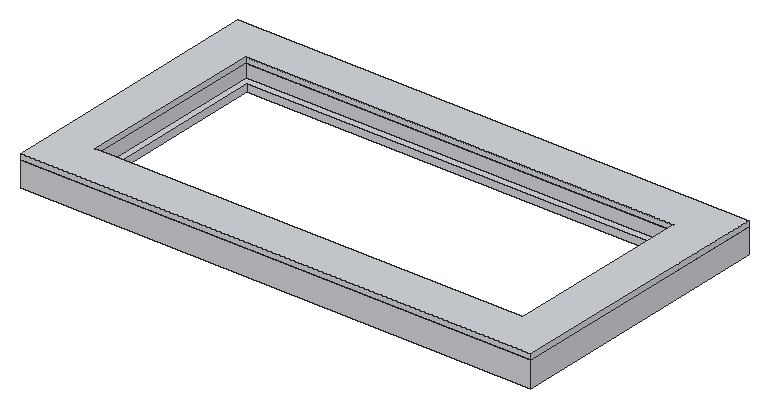
Revit family "Gira_100225", category Electrical Fixtures, host Face, Revit 2017
Family settings
  Host = Face
  Maintain Annotation Orientation = No
  Round Connector Dimension = Use Diameter
  Part Type = Normal
  Cut with Voids When Loaded = No
  Shared = No
  Room Calculation Point = No
Parameters (values of type "Cov.fr. 2-g w/o cb Gira E2 c.alum.")
  With mounting grid = "No"
  With hinged lid = "No"
  URL = "http://katalog.gira.de/en/datenblatt.html?artikelnr=100225"
  Type of fastening = "Clamp mounting"
  Transparent = "No"
  Surface protection = "Other"
  Suitable for wall duct = "No"
  Suitable for flush-mounted installation = "Yes"
  Suitable for floor box = "No"
  Suitable for built-in installation = "No"
  Number of units vertical = "2"
  Number of units horizontal = "2"
  Number of units = "2"
  Name = "Cov.fr. 2-g w/o cb Gira E2 c.alum."
  Mounting direction = "Horizontal and vertical"
  Material quality = "Thermoplastic"
  Material = "Plastic"
  Manufacturer URL = "https://www.gira.de/"
  Manufacturer = "Gira"
  Label space/information surface = "No"
  Keynote = ""
  HeinzeBIM = "https://bimportal.heinze.de/bim/cov-fr-2-g-w-o-cb-gira-e2-c-alum-/16829f691d5f5e11699192806e364db00141cfda"
  Halogen free = "Yes"
  HAN = "100225"
  GTIN = "4010337002253"
  Description = "Cov.fr.2g w o cb E2 CAl,Gira E2 cover frame,colour aluminium,2-gang without crossbar,Features:,- Shatter-proof.,,Notes :,- Also suitable for duct installation.,- In connection with the seal kit, frame (1-gang to 5-gang) is also suitable for installation as water-protected flush-mounted IP44."
  Degree of protection (IP) = "IP20"
  Default Elevation = 1219.2 mm
  Data sheet (1) = "https://katalog.gira.de/en/download.html?artikelnr=100225"
  Colour = "Aluminium"
  Category = "Cover frame for domestic switching devices"
  BIM (1) = "https://media.stage.bim.site/public/gira/36a6b08/E2_Rahmen_2fach o.Mittelsteg.rfa?public/gira/36a6b08/E2_Rahmen_2fach o.Mittelsteg.rfa"
  Available = "No"
Reference planes
  plane 1 "Center (Front/Back)": y = 0
  plane 2: z = 0
  plane 3 "Center (Left/Right)": x = 0
Forms (mm)
  Extrusion 1, solid, detail levels fine
    sketch origin (0, 0, 0) x (1, 0, 0) y (0, 1, 0)
      loop
        line (-75.95, 40.4) -> (-75.95, -40.4) -> (75.95, -40.4) -> (75.95, 40.4) -> (-75.95, 40.4)
      loop
        line (-63.602, -28.052) -> (63.602, -28.052) -> (63.602, 28.052) -> (-63.602, 28.052) -> (-63.602, -28.052)
    from 7.7 to 9.3
  Extrusion 2, solid, detail levels fine
    sketch origin (0, 0, 0) x (1, 0, 0) y (0, 1, 0)
      loop
        line (-75.95, 40.4) -> (-75.95, -40.4) -> (75.95, -40.4) -> (75.95, 40.4) -> (-75.95, 40.4)
      loop
        line (-74.148, -38.598) -> (74.148, -38.598) -> (74.148, 38.598) -> (-74.148, 38.598) -> (-74.148, -38.598)
    from 0 to 7.7
  Extrusion 3, solid, detail levels fine
    sketch origin (0, 0, 0) x (1, 0, 0) y (0, 1, 0)
      loop
        line (-61.45, -25.7) -> (61.451, -25.7) -> (61.451, 25.701) -> (-61.45, 25.701) -> (-61.45, -25.7)
      loop
        line (-63.602, 28.052) -> (-63.602, -28.052) -> (63.602, -28.052) -> (63.602, 28.052) -> (-63.602, 28.052)
    from 1.8 to 3.8
  Extrusion 4, solid, detail levels fine
    sketch origin (0, 0, 0) x (1, 0, 0) y (0, 1, 0)
      loop
        line (-63.602, -28.052) -> (63.602, -28.052) -> (63.602, 28.052) -> (-63.602, 28.052) -> (-63.602, -28.052)
      loop
        spline (65.089, 27.539) -> (65.072, 27.8) -> (65.021, 28.057) -> (64.937, 28.305) -> (64.821, 28.539) -> (64.676, 28.757) -> (64.504, 28.954) -> (64.307, 29.126) -> (64.089, 29.271) -> (63.855, 29.387) -> (63.607, 29.471) -> (63.35, 29.522) -> (63.089, 29.539)
        line (63.089, 29.539) -> (-63.089, 29.539)
        spline (-63.089, 29.539) -> (-63.35, 29.522) -> (-63.607, 29.471) -> (-63.855, 29.387) -> (-64.089, 29.271) -> (-64.307, 29.126) -> (-64.504, 28.954) -> (-64.676, 28.757) -> (-64.821, 28.539) -> (-64.937, 28.305) -> (-65.021, 28.057) -> (-65.072, 27.8) -> (-65.089, 27.539)
        line (-65.089, 27.539) -> (-65.089, -27.539)
        spline (-65.089, -27.539) -> (-65.072, -27.8) -> (-65.021, -28.057) -> (-64.937, -28.305) -> (-64.821, -28.539) -> (-64.676, -28.757) -> (-64.504, -28.954) -> (-64.307, -29.126) -> (-64.089, -29.271) -> (-63.855, -29.387) -> (-63.607, -29.471) -> (-63.35, -29.522) -> (-63.089, -29.539)
        line (-63.089, -29.539) -> (63.089, -29.539)
        spline (63.089, -29.539) -> (63.35, -29.522) -> (63.607, -29.471) -> (63.855, -29.387) -> (64.089, -29.271) -> (64.307, -29.126) -> (64.504, -28.954) -> (64.676, -28.757) -> (64.821, -28.539) -> (64.937, -28.305) -> (65.021, -28.057) -> (65.072, -27.8) -> (65.089, -27.539)
        line (65.089, -27.539) -> (65.089, 27.539)
    from 1.8 to 7.7
  Extrusion 5, solid, detail levels coarse+medium
    sketch origin (0, 0, 0) x (1, 0, 0) y (0, 1, 0)
      loop
        line (-75.95, 40.4) -> (-75.95, -40.4) -> (75.95, -40.4) -> (75.95, 40.4) -> (-75.95, 40.4)
    from 0 to 9.3
Dimensions and locks
  aligned and locked: plane 2 to host face
  aligned and locked: level to host face
